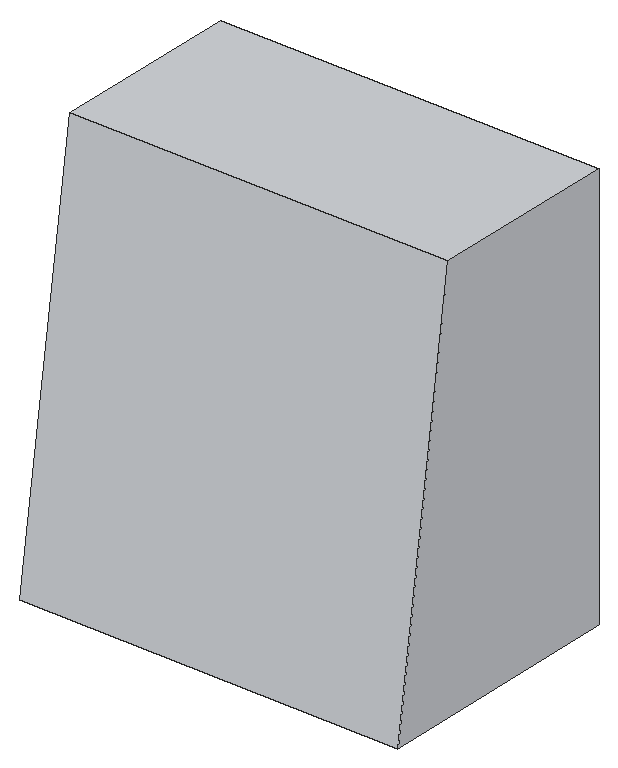
Revit family "a61b728f625b4ce4a4fe5492a8797835", category Air Terminals, host Face, Revit 2021
Family settings
  Host = Face
  Round Connector Dimension = Use Diameter
  Part Type = Normal
  OmniClass Number = 23.40.40.14.21.11
  OmniClass Title = Food Service Hoods
  Seek Item ID = Grease Hood - Exhaust Only - Wall - Tapered End-0000-USA-ENU
  Cut with Voids When Loaded = No
  Shared = No
  Room Calculation Point = No
Parameters (values of type "Standard")
  Pressure Drop [instance] = 0.20 in-wg
  Min Flow = 0 CFM
  Max Flow = 0 CFM
  Hood Width [instance] = 3' - 3"
  Hood Material = none
  Hood Length [instance] = 3' - 0"
  Duct Width [instance] = 10"
  Duct Height [instance] = 10"
  Default Elevation = 3' - 0"
  Exhaust Air Flow [instance] = 50 FPM * Hood Length * Hood Width  # 487.5 CFM
Reference planes (in)
  plane 1 "Center (Front/Back)": y = 0
  plane 2: z = 0
  plane 3 "Center (Left/Right)": x = 0
  plane 4: z = 39
  plane 5: z = 2
  plane 6: z = 12
  plane 7: x = -18
  plane 8: x = 18
  plane 9: x = -5
  plane 10: x = 5
  plane 11: y = 24
  plane 12: y = 6
  plane 13: y = 28
Forms (in)
  Extrusion 1, solid, material <- "Hood Material"
    sketch origin (0, 0, 0) x (0, 1, 0) y (0, 0, 1)
      loop
        line (6, 39) -> (0, 0) -> (24, 0) -> (24, 39) -> (6, 39)
    from -18 to 18
  Extrusion 2, solid, material <- "Hood Material"
    sketch origin (0, 0, 0) x (1, 0, 0) y (0, 0, 1)
      loop
        line (-5, 12) -> (-5, 2) -> (5, 2) -> (5, 12) -> (-5, 12)
    from -28 to -24
Dimensions and locks (in)
  "Hood Width": plane 4 to plane 2
  locked: plane 5 to plane 2 at 2
  "Duct Height": plane 6 to plane 5
  equal spacing: plane 8, plane 3 "Center (Left/Right)", plane 7
  "Hood Length": plane 8 to plane 7
  equal spacing: plane 10, plane 3 "Center (Left/Right)", plane 9
  "Duct Width": plane 10 to plane 9
  locked: plane 11 to plane 1 "Center (Front/Back)" at 24
  locked: plane 11 to plane 12 at 18
  locked: plane 13 to plane 11 at 4
  aligned and locked: plane 2 to host face
  aligned and locked: level to host face
  aligned and locked: plane 4 to Extrusion 1 sketch curve
  aligned and locked: plane 12 to Extrusion 1 sketch curve
  aligned and locked: plane 2 to Extrusion 1 sketch curve
  aligned and locked: plane 1 "Center (Front/Back)" to Extrusion 1 sketch curve
  aligned and locked: Extrusion 1 sketch curve to plane 2
  aligned and locked: Extrusion 1 sketch curve to plane 11
  aligned and locked: Extrusion 1 sketch curve to plane 4
  aligned and locked: Extrusion 1 to plane 7
  aligned and locked: plane 8 to Extrusion 1
  aligned and locked: plane 9 to Extrusion 2 sketch curve
  aligned and locked: Extrusion 2 sketch curve to plane 6
  aligned and locked: plane 5 to Extrusion 2 sketch curve
  aligned and locked: Extrusion 2 sketch curve to plane 10
  aligned and locked: Extrusion 2 to plane 13
  aligned and locked: plane 11 to Extrusion 2
Automatic sketch dimensions
  host sketch curve to host sketch curve = 8' - 10.3889"
  host sketch curve to host sketch curve = 8' - 0"
Connectors (in)
  hvac at (0, 28, 7), driven by "Pressure Drop", driven by "Exhaust Air Flow", driven by "Duct Height", driven by "Duct Width"
    settings: on Extrusion 2, index 1, duct flow 487.5 CFM, flow factor 0, pres drop 0.20 in-wg, loss coef 0, conn angle 0.00°, conn width 10", conn height 10", conn diameter 24", duct sys type 3, conn prof type 1, flow config 1, flow direction 2, loss method 4, conn ref index -1, conn util no, is conn primary yes, conn desc ""
